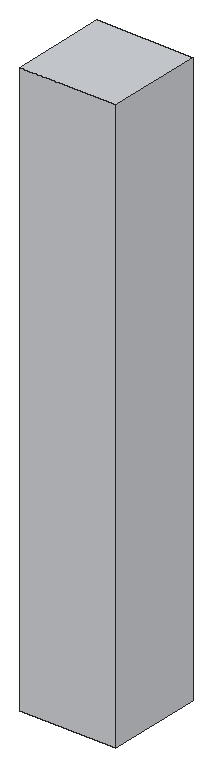
Revit family "Rectangular Column", category Columns, Revit 2019
Family settings
  OmniClass Number = 23.25.30.11.14.11
  OmniClass Title = Columns
  Cut with Voids When Loaded = No
  Automatically joins geometry to walls = Yes
  Shared = No
  Show family pre-cut in plan views = Yes
Parameters (values of type "18" x 18"")
  Assembly Code = "B1010200"
  Depth = 1' - 6"
  Material = none
  Offset Base = 0' - 0"
  Offset Top = 0' - 0"
  Width = 1' - 6"
Types (3): name | Depth | Width
  24" x 24" | 2' - 0" | 2' - 0"
  18" x 24" | 1' - 6" | 2' - 0"
  18" x 18" | 1' - 6" | 1' - 6"
Reference planes (in)
  plane 1: y = 0
  plane 2: z = 0
  plane 3: x = 0
  plane 4: z = 108
  plane 5: z = 0
Forms (in)
  Extrusion 1, solid, material <- "Material"
    sketch origin (0, 0, 0) x (1, 0, 0) y (0, 1, 0)
      loop
        line (-9, 9) -> (-9, -9) -> (9, -9) -> (9, 9) -> (-9, 9)
    from 0 to 108
Lines and regions (in)
  symbolic lines, style "InvisibleLines"
    curve 1: line (-9, 9, 0) -> (9, 9, 0)
    curve 2: line (-9, -9, 0) -> (-9, 9, 0)
    curve 3: line (9, -9, 0) -> (-9, -9, 0)
    curve 4: line (9, 9, 0) -> (9, -9, 0)
Dimensions and locks (in)
  "Offset Base": plane 5 to level
  "Offset Top": level to plane 4
  "Width": curve 2 to curve 4
  "Depth": curve 1 to curve 3
  equal spacing: curve 3, plane 1, curve 1
  equal spacing: curve 2, plane 3, curve 4
  aligned and locked: Extrusion 1 to plane 5
  aligned and locked: plane 4 to Extrusion 1
  aligned and locked: Extrusion 1 sketch curve to curve 1  (x3)
  aligned and locked: Extrusion 1 sketch curve to curve 2
